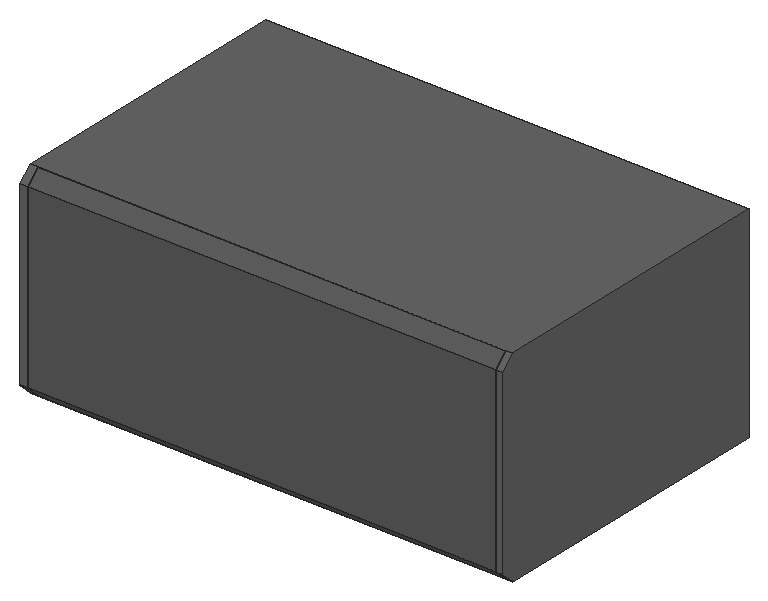
Revit family "GP218-sw", category Communication Devices, Revit 2012
Parameters
  Width = 47.170"
  Weight Product (lb) = 191
  Weight Product (kg) = 86.6
  Weight Dimensional (lb) = 209
  Weight Dimensional (kg) = 94.8
  URL = "http://www.qscaudio.com/products/speakers/GP218sw/"
  Type Comments = ""
  Sensitivity = 134.5
  SPL Max = 134.5
  Regulatory Compliance = "RoHS"
  Product Page URL = "http://www.qscaudio.com/products/speakers/GP218sw/"
  Product Documentation Link = "http://media.qscaudio.com/pdfs/Specifications/GP218sw_specifications.pdf"
  Power Handling = 4000
  Model = "GP218-sw"
  Manufacturer URL = "www.qscaudio.com"
  Manufacturer = "QSC Audio Products, LLC"
  Impedance = 4
  Height = 20.000"
  Grill Width = 45.750"
  Grill Material = Black Grille
  Grill Extent Height = 17.625"
  Grill Depth = 1.250"
  Enclosure Material = Black Finish
  Description = "Vented Dual 18\" Subwoofer"
  Depth = 30.000"
  Default Elevation = 48.000"
Reference planes (in)
  plane 1 "Center (Front/Back)": y = 0
  plane 2: z = 0
  plane 3 "Center (Left/Right)": x = 0
  plane 4 "Enclosure Left": x = -23.585
  plane 5 "Enclosure Right": x = 23.585
  plane 6 "Enclosure Rear": y = 30
  plane 7 "Enclosure Top": z = 10
  plane 8 "Enclosure Bottom": z = -10
  plane 9 "Grill Left": x = -22.875
  plane 10 "Grill Right": x = 22.875
  plane 11: z = 8.8125
  plane 12 "Grill Extent Bottom": z = -8.8125
  plane 13 "Grill Rear": y = 1.25
Forms (in)
  Extrusion 1, solid, material "Black Finish" <- "Enclosure Material"
    sketch origin (23.585, 0, 0) x (0, 1, 0) y (0, 0, -1)
      loop
        line (0, -10) -> (30, -10) -> (30, 10) -> (0, 10) -> (0, -10)
    from 0 to 47.17 <- "Width"
  Extrusion 2, void
    sketch origin (23.585, 0, 0) x (0, 1, 0) y (0, 0, -1)
      loop
        line (1.25, -10) -> (0, -8.8125) -> (0, -10) -> (1.25, -10)
      loop
        line (1.25, 10) -> (0, 10) -> (0, 8.8125) -> (1.25, 10)
    from 0 to 47.17 <- "Width"
  Extrusion 3, void
    sketch origin (22.875, 0, 0) x (0, 1, 0) y (0, 0, -1)
      loop
        line (0, -10) -> (1.25, -10) -> (1.25, 10) -> (0, 10) -> (0, -10)
    from 0 to 45.75 <- "Grill Width"
  Extrusion 4, solid, material "Black Grille" <- "Grill Material"
    sketch origin (22.875, 0, 0) x (0, 1, 0) y (0, 0, -1)
      loop
        line (1.25, -10) -> (1.25, 10) -> (0, 8.8125) -> (0, -8.8125) -> (1.25, -10)
    from 0 to 45.75 <- "Grill Width"
Cuts and joins
  Extrusion 2, Extrusion 3 cuts Extrusion 1
Lines and regions (in)
  model lines, detail levels medium+fine
    curve 1: line (23.585, 3.19176, 4.9375) -> (23.585, 10.69176, 4.9375)
    curve 2: line (23.585, 3.19176, -4.8125) -> (23.585, 3.19176, 4.9375)
    curve 3: line (23.585, 10.69176, -4.8125) -> (23.585, 3.19176, -4.8125)
    curve 4: line (23.585, 10.69176, 4.9375) -> (23.585, 10.69176, -4.8125)
    curve 5: line (23.585, 4.78551, 3.3125) -> (23.585, 9.09801, 3.3125)
    curve 6: line (23.585, 4.78551, -3.1875) -> (23.585, 4.78551, 3.3125)
    curve 7: line (23.585, 9.09801, -3.1875) -> (23.585, 4.78551, -3.1875)
    curve 8: line (23.585, 9.09801, 3.3125) -> (23.585, 9.09801, -3.1875)
    curve 9: line (23.585, 4.78551, 0) -> (23.585, 9.09801, 0)
    curve 10: line (23.585, 4.78551, -1) -> (23.585, 9.09801, -1)
    curve 21: line (23.585, 19.23714, 4.9375) -> (23.585, 26.73714, 4.9375)
    curve 22: line (23.585, 19.23714, -4.8125) -> (23.585, 19.23714, 4.9375)
    curve 23: line (23.585, 26.73714, -4.8125) -> (23.585, 19.23714, -4.8125)
    curve 24: line (23.585, 26.73714, 4.9375) -> (23.585, 26.73714, -4.8125)
    curve 25: line (23.585, 20.83089, 3.3125) -> (23.585, 25.14339, 3.3125)
    curve 26: line (23.585, 20.83089, -3.1875) -> (23.585, 20.83089, 3.3125)
    curve 27: line (23.585, 25.14339, -3.1875) -> (23.585, 20.83089, -3.1875)
    curve 28: line (23.585, 25.14339, 3.3125) -> (23.585, 25.14339, -3.1875)
    curve 29: line (23.585, 20.83089, 0) -> (23.585, 25.14339, 0)
    curve 30: line (23.585, 20.83089, -1) -> (23.585, 25.14339, -1)
    curve 31: line (-23.585, 3.19176, 4.9375) -> (-23.585, 10.69176, 4.9375)
    curve 32: line (-23.585, 3.19176, -4.8125) -> (-23.585, 3.19176, 4.9375)
    curve 33: line (-23.585, 10.69176, -4.8125) -> (-23.585, 3.19176, -4.8125)
    curve 34: line (-23.585, 10.69176, 4.9375) -> (-23.585, 10.69176, -4.8125)
    curve 35: line (-23.585, 4.78551, 3.3125) -> (-23.585, 9.09801, 3.3125)
    curve 36: line (-23.585, 4.78551, -3.1875) -> (-23.585, 4.78551, 3.3125)
    curve 37: line (-23.585, 9.09801, -3.1875) -> (-23.585, 4.78551, -3.1875)
    curve 38: line (-23.585, 9.09801, 3.3125) -> (-23.585, 9.09801, -3.1875)
    curve 39: line (-23.585, 4.78551, 0) -> (-23.585, 9.09801, 0)
    curve 40: line (-23.585, 4.78551, -1) -> (-23.585, 9.09801, -1)
    curve 41: line (-23.585, 19.23714, 4.9375) -> (-23.585, 26.73714, 4.9375)
    curve 42: line (-23.585, 19.23714, -4.8125) -> (-23.585, 19.23714, 4.9375)
    curve 43: line (-23.585, 26.73714, -4.8125) -> (-23.585, 19.23714, -4.8125)
    curve 44: line (-23.585, 26.73714, 4.9375) -> (-23.585, 26.73714, -4.8125)
    curve 45: line (-23.585, 20.83089, 3.3125) -> (-23.585, 25.14339, 3.3125)
    curve 46: line (-23.585, 20.83089, -3.1875) -> (-23.585, 20.83089, 3.3125)
    curve 47: line (-23.585, 25.14339, -3.1875) -> (-23.585, 20.83089, -3.1875)
    curve 48: line (-23.585, 25.14339, 3.3125) -> (-23.585, 25.14339, -3.1875)
    curve 49: line (-23.585, 20.83089, 0) -> (-23.585, 25.14339, 0)
    curve 50: line (-23.585, 20.83089, -1) -> (-23.585, 25.14339, -1)
  model lines, not visible, detail levels medium+fine
    curve 11: line (23.585, -136.01381, 45.00515) -> (23.585, -128.51381, 45.00515)
    curve 12: line (23.585, -136.01381, 35.25515) -> (23.585, -136.01381, 45.00515)
    curve 13: line (23.585, -128.51381, 35.25515) -> (23.585, -136.01381, 35.25515)
    curve 14: line (23.585, -128.51381, 45.00515) -> (23.585, -128.51381, 35.25515)
    curve 15: line (23.585, -134.42006, 43.38015) -> (23.585, -130.10756, 43.38015)
    curve 16: line (23.585, -134.42006, 36.88015) -> (23.585, -134.42006, 43.38015)
    curve 17: line (23.585, -130.10756, 36.88015) -> (23.585, -134.42006, 36.88015)
    curve 18: line (23.585, -130.10756, 43.38015) -> (23.585, -130.10756, 36.88015)
    curve 19: line (23.585, -134.42006, 40.06765) -> (23.585, -130.10756, 40.06765)
    curve 20: line (23.585, -134.42006, 39.06765) -> (23.585, -130.10756, 39.06765)
  model lines, detail levels fine
    curve 51: line (23.585, 15.63598, -0.46651) -> (23.585, 14.9542, 0.43173)
    curve 52: line (23.585, 14.9542, 0.43173) -> (23.585, 15.63598, -0.46651)
    curve 53: line (23.585, 12.48238, -0.35434) -> (23.585, 12.73996, 0.57223)
    curve 54: line (23.585, 12.73996, 0.57223) -> (23.585, 12.48238, -0.35434)
    curve 55: line (23.585, 12.91262, -0.96785) -> (23.585, 12.72038, 0.74685)
    curve 56: line (23.585, 12.72038, 0.74685) -> (23.585, 12.91262, -0.96785)
    curve 57: line (23.585, 16.54889, 0.23181) -> (23.585, 17.15684, -0.21485)
    curve 58: line (23.585, 17.15684, -0.21485) -> (23.585, 16.54889, 0.23181)
    curve 67: line (-23.585, 14.31728, -0.61346) -> (-23.585, 14.99905, 0.28477)
    curve 68: line (-23.585, 14.99905, 0.28477) -> (-23.585, 14.31728, -0.61346)
    curve 69: line (-23.585, 17.47088, -0.5013) -> (-23.585, 17.2133, 0.42528)
    curve 70: line (-23.585, 17.2133, 0.42528) -> (-23.585, 17.47088, -0.5013)
    curve 71: line (-23.585, 17.04063, -1.1148) -> (-23.585, 17.23288, 0.5999)
    curve 72: line (-23.585, 17.23288, 0.5999) -> (-23.585, 17.04063, -1.1148)
    curve 73: line (-23.585, 13.40437, 0.08486) -> (-23.585, 12.79641, -0.3618)
    curve 74: line (-23.585, 12.79641, -0.3618) -> (-23.585, 13.40437, 0.08486)
  model lines, not visible, detail levels fine
    curve 59: line (5.28143, -15.9511, 15.71826) -> (4.59966, -15.05287, 15.71826)
    curve 60: line (4.59966, -15.05287, 15.71826) -> (5.28143, -15.9511, 15.71826)
    curve 61: line (2.12784, -15.83894, 15.71826) -> (2.38541, -14.91236, 15.71826)
    curve 62: line (2.38541, -14.91236, 15.71826) -> (2.12784, -15.83894, 15.71826)
    curve 63: line (2.55808, -16.45245, 15.71826) -> (2.36583, -14.73775, 15.71826)
    curve 64: line (2.36583, -14.73775, 15.71826) -> (2.55808, -16.45245, 15.71826)
    curve 65: line (6.19434, -15.25278, 15.71826) -> (6.8023, -15.69944, 15.71826)
    curve 66: line (6.8023, -15.69944, 15.71826) -> (6.19434, -15.25278, 15.71826)
Dimensions and locks (in)
  equal spacing: plane 4 "Enclosure Left", plane 3 "Center (Left/Right)", plane 5 "Enclosure Right"
  "Width": plane 4 "Enclosure Left" to plane 5 "Enclosure Right"
  "Depth": plane 6 "Enclosure Rear" to plane 1 "Center (Front/Back)"
  equal spacing: plane 7 "Enclosure Top", level, plane 8 "Enclosure Bottom"
  "Height": plane 7 "Enclosure Top" to plane 8 "Enclosure Bottom"
  equal spacing: plane 9 "Grill Left", plane 3 "Center (Left/Right)", plane 10 "Grill Right"
  "Grill Width": plane 9 "Grill Left" to plane 10 "Grill Right"
  equal spacing: plane 11, level, plane 12 "Grill Extent Bottom"
  "Grill Extent Height": plane 11 to plane 12 "Grill Extent Bottom"
  "Grill Depth": plane 1 "Center (Front/Back)" to plane 13 "Grill Rear"
  aligned and locked: plane 2 to level
  aligned and locked: Extrusion 1 sketch curve to plane 7 "Enclosure Top"
  aligned and locked: plane 1 "Center (Front/Back)" to Extrusion 1 sketch curve
  aligned and locked: Extrusion 1 sketch curve to plane 8 "Enclosure Bottom"
  aligned and locked: plane 6 "Enclosure Rear" to Extrusion 1 sketch curve
  aligned and locked: plane 7 "Enclosure Top" to Extrusion 3 sketch curve
  aligned and locked: plane 1 "Center (Front/Back)" to Extrusion 3 sketch curve
  aligned and locked: plane 8 "Enclosure Bottom" to Extrusion 3 sketch curve
  aligned and locked: plane 13 "Grill Rear" to Extrusion 3 sketch curve
  aligned and locked: plane 5 "Enclosure Right" to curve 26
  aligned and locked: curve 6 to plane 5 "Enclosure Right"
  aligned and locked: curve 31 to plane 4 "Enclosure Left"
  aligned and locked: plane 4 "Enclosure Left" to curve 45
  aligned and locked: curve 52 to plane 5 "Enclosure Right"
  aligned and locked: plane 4 "Enclosure Left" to curve 68
Automatic sketch dimensions
  Extrusion 2 sketch curve to plane 1 "Center (Front/Back)" = 0.000"  (x2)
  Extrusion 2 sketch curve to plane 7 "Enclosure Top" = 0.000"
  Extrusion 2 sketch curve to plane 13 "Grill Rear" = 0.000"  (x2)
  plane 8 "Enclosure Bottom" to Extrusion 2 sketch curve = 0.000"
  plane 12 "Grill Extent Bottom" to Extrusion 2 sketch curve = 0.000"
  Extrusion 2 sketch curve to plane 11 = 0.000"
  Extrusion 4 sketch curve to plane 1 "Center (Front/Back)" = 0.000"
  plane 8 "Enclosure Bottom" to Extrusion 4 sketch curve = 0.000"
  Extrusion 4 sketch curve to plane 7 "Enclosure Top" = 0.000"
  Extrusion 4 sketch curve to plane 13 "Grill Rear" = 0.000"
  plane 12 "Grill Extent Bottom" to Extrusion 4 sketch curve = 0.000"
  Extrusion 4 sketch curve to plane 11 = 0.000"
  curve 53 to curve 54 = 0.000"  (x2)
  curve 53 to curve 55 = 0.238"
  curve 56 to curve 55 = 0.000"  (x3)
  curve 55 to curve 53 = 0.01958"
  curve 54 to curve 53 = 0.000"
  curve 54 to curve 55 = 0.43024"
  curve 53 to curve 52 = 2.21425"
  curve 51 to curve 52 = 0.000"
  curve 52 to curve 51 = 0.68177"
  curve 52 to curve 51 = 0.000"  (x3)
  curve 51 to curve 58 = 0.91291"
  curve 57 to curve 58 = 0.000"  (x2)
  curve 58 to curve 58 = 0.60795"
  curve 55 to curve 56 = 0.000"
  curve 56 to curve 51 = 0.50134"
  curve 56 to curve 54 = 0.61351"
  curve 51 to curve 57 = 0.25166"
  curve 58 to curve 57 = 0.000"  (x2)
  curve 57 to curve 57 = 0.44666"
  curve 51 to curve 51 = 0.89823"
  curve 53 to curve 54 = 0.92658"
  curve 61 to curve 62 = 0.000"  (x2)
  curve 61 to curve 63 = 0.238"
  curve 64 to curve 63 = 0.000"  (x3)
  curve 63 to curve 61 = 0.01958"
  curve 62 to curve 61 = 0.000"
  curve 62 to curve 63 = 0.43024"
  curve 61 to curve 60 = 2.21425"
  curve 59 to curve 60 = 0.000"
  curve 60 to curve 59 = 0.68177"
  curve 60 to curve 59 = 0.000"  (x3)
  curve 59 to curve 66 = 0.91291"
  curve 65 to curve 66 = 0.000"  (x2)
  curve 66 to curve 66 = 0.60795"
  curve 63 to curve 64 = 0.000"
  curve 64 to curve 59 = 0.50134"
  curve 64 to curve 62 = 0.61351"
  curve 59 to curve 65 = 0.25166"
  curve 66 to curve 65 = 0.000"  (x2)
  curve 65 to curve 65 = 0.44666"
  curve 59 to curve 59 = 0.89823"
  curve 61 to curve 62 = 0.92658"
  curve 69 to curve 70 = 0.000"  (x2)
  curve 69 to curve 71 = 0.238"
  curve 72 to curve 71 = 0.000"  (x3)
  curve 71 to curve 69 = 0.01958"
  curve 70 to curve 69 = 0.000"
  curve 70 to curve 71 = 0.43024"
  curve 69 to curve 68 = 2.21425"
  curve 67 to curve 68 = 0.000"
  curve 68 to curve 67 = 0.68177"
  curve 68 to curve 67 = 0.000"  (x3)
  curve 67 to curve 74 = 0.91291"
  curve 73 to curve 74 = 0.000"  (x2)
  curve 74 to curve 74 = 0.60795"
  curve 71 to curve 72 = 0.000"
  curve 72 to curve 67 = 0.50134"
  curve 72 to curve 70 = 0.61351"
  curve 67 to curve 73 = 0.25166"
  curve 74 to curve 73 = 0.000"  (x2)
  curve 73 to curve 73 = 0.44666"
  curve 67 to curve 67 = 0.89823"
  curve 69 to curve 70 = 0.92658"
Connectors (in)
  electrical at (0, 30, 0)
    settings: on cut or joined group of Extrusion 1, Extrusion 2, Extrusion 3, index 1, voltage 0 V, apparent load 0 VA, apparent load phase1 0 VA, apparent load phase2 0 VA, apparent load phase3 0 VA, power factor 1, load classification "Other", number of poles 1, system type 14, power factor state 1, is connector primary yes, connector utility no, sub classification motor no, connector description "Speaker Input/Output (Parallel)"
  electrical at (0, 30, 0)
    settings: on cut or joined group of Extrusion 1, Extrusion 2, Extrusion 3, index 2, voltage 0 V, apparent load 0 VA, apparent load phase1 0 VA, apparent load phase2 0 VA, apparent load phase3 0 VA, power factor 1, load classification "Other", number of poles 1, system type 14, power factor state 1, is connector primary no, connector utility no, sub classification motor no, connector description "Speaker Input/Output (Parallel)"
